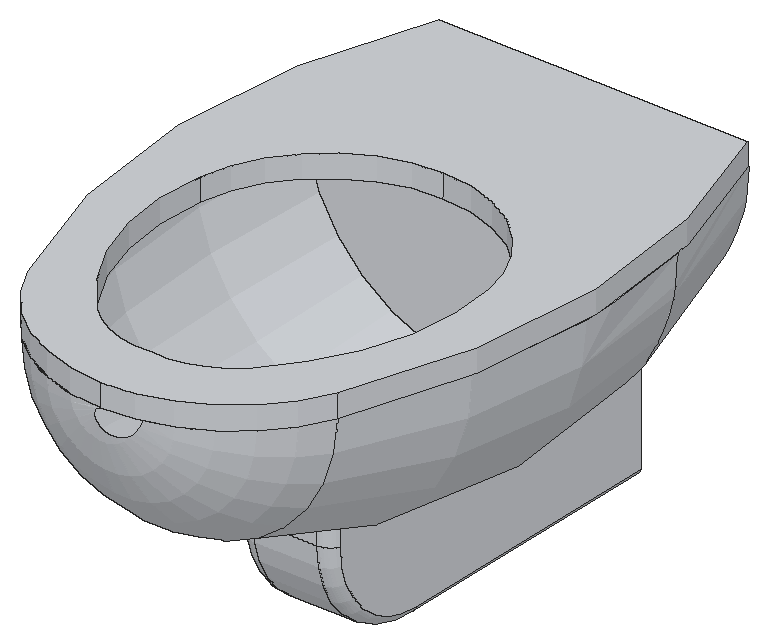
Revit family
Parameters (values of type "540 x 360mm")
  Material = none
  Manufacturer = "Revit"
  Assembly Code = "D2010110"
Reference planes
  plane 1 "Center (Front/Back)": y = 0
  plane 2: z = 0
  plane 3 "Center (Left/Right)": x = 0
  plane 4: y = -244.9
Forms (mm)
  Revolve 1, solid, material <- "Material"
    sketch origin (0, 0, -20) x (1, 0, 0) y (0, 1, 0)
      loop
        arc (-174.247, -124.9) -> (-179.514, -290.639) -> (-135.875, -450.617) r 558.391
        arc (-135.875, -450.617) -> (-81.121, -515.376) -> (0, -540.098) r 150.021
        line (0, -540.098) -> (0, -520.097)
        arc (0, -520.097) -> (-70.198, -498.622) -> (-117.576, -442.547) r 130.021
        arc (-117.576, -442.547) -> (-159.862, -286.482) -> (-153.903, -124.9) r 538.391
        line (-153.903, -124.9) -> (-174.247, -124.9)
      axis (0, -540.098) -> (0, -124.9)
    angle from 0 to 180
  Extrusion 2, solid, material <- "Material"
    sketch origin (0, 0, 0) x (1, 0, 0) y (0, 1, 0)
      loop
        arc (-135.875, 0) -> (-183.349, -225.308) -> (-135.875, -450.617) r 558.391
        arc (-135.875, -450.617) -> (-81.121, -515.376) -> (0, -540.098) r 150.021
        arc (0, -540.098) -> (81.121, -515.376) -> (135.875, -450.617) r 150.021
        arc (135.875, -450.617) -> (183.349, -225.308) -> (135.875, 0) r 558.391
        line (135.875, 0) -> (-135.875, 0)
      loop
        arc (0, -164.798) -> (-83.195, -195.45) -> (-126.613, -272.753) r 128.221
        arc (-126.613, -272.753) -> (-119.024, -374.181) -> (-66.602, -461.341) r 219.88
        arc (-66.602, -461.341) -> (-36.05, -480.987) -> (0, -485.429) r 81.602
        arc (0, -485.429) -> (36.05, -480.987) -> (66.602, -461.341) r 81.602
        arc (66.602, -461.341) -> (119.024, -374.181) -> (126.613, -272.753) r 219.88
        arc (126.613, -272.753) -> (115.473, -237.275) -> (94.621, -206.485) r 128.221
        arc (94.621, -206.485) -> (51.698, -175.681) -> (0, -164.798) r 128.221
    from -20 to 0
  Blend 3, solid, material <- "Material"
    base sketch origin (0, -124.9, -20) x (0, 0, -1) y (-1, 0, 0)
      loop
        line (0, 174.247) -> (0, -174.247)
        arc (0, -174.247) -> (174.247, 0) -> (0, 174.247) r 174.247
    top sketch origin (0, -124.9, -20) x (0, 0, -1) y (-1, 0, 0)
      loop
        line (0, 135.875) -> (0, -135.875)
        spline (0, -135.875) -> (37.529, -131.246) -> (72.5, -117.672) -> (102.53, -96.078) -> (125.574, -67.938) -> (140.059, -35.167) -> (145, 0) -> (140.059, 35.167) -> (125.574, 67.938) -> (102.53, 96.078) -> (72.5, 117.672) -> (37.529, 131.246) -> (0, 135.875)
    from 0 to 124.9
  Extrusion 4, solid, material <- "Material"
    sketch origin (0, 0, 0) x (0, 1, 0) y (0, 0, 1)
      loop
        arc (0, -158.01) -> (-167.212, -190.758) -> (-337.566, -187.334) r 799.626
        line (-337.566, -187.334) -> (-337.566, -207.334)
        arc (-337.566, -207.334) -> (-310.425, -272.859) -> (-244.9, -300) r 92.666
        line (-244.9, -300) -> (0, -300) -> (0, -158.01)
    from -41.163 to 41.173
  Sweep 5, void
    path origin (41.173, 0, -158.01) x (0, 0, 1) y (0, -1, 0)
      loop
        line (-29.324, 337.566) -> (-49.324, 337.566)
        arc (-49.324, 337.566) -> (-114.849, 310.425) -> (-141.99, 244.9) r 92.666
        line (-141.99, 244.9) -> (-141.99, 0)
    profile origin (0, -122.45, 0) x (0, 0, 1) y (1, 0, 0)
      loop
        line (-280.892, 42.532) -> (-280.892, 53.837) -> (-310.892, 53.837) -> (-310.892, -51.163) -> (-280.892, -51.163) -> (-280.892, -43.084) -> (-285, -43.084)
        arc (-285, -43.084) -> (-295.607, -38.69) -> (-300, -28.084) r 15
        line (-300, -28.084) -> (-300, 27.532)
        arc (-300, 27.532) -> (-295.607, 38.139) -> (-285, 42.532) r 15
        line (-285, 42.532) -> (-280.892, 42.532)
Cuts and joins
  Sweep 5 cuts Blend 3
  Sweep 5 cuts Extrusion 4
  joined: Revolve 1, Blend 3, Extrusion 4
  Sweep 5 cuts Extrusion 2
Lines and regions (mm)
  symbolic lines, detail levels medium+fine
    curve 1: arc (-79.298, -101.182, 0) -> (-71.563, -108.918, 0) -> (-63.827, -101.182, 0) r 7.735
    curve 2: arc (-63.827, -101.182, 0) -> (-71.563, -93.447, 0) -> (-79.298, -101.182, 0) r 7.735
    curve 3: arc (69.087, -101.182, 0) -> (76.822, -108.918, 0) -> (84.558, -101.182, 0) r 7.735
    curve 4: arc (84.558, -101.182, 0) -> (76.822, -93.447, 0) -> (69.087, -101.182, 0) r 7.735
    curve 5: line (-41.163, -255.357, 0) -> (41.173, -255.357, 0)
    curve 6: arc (41.173, -255.357, 0) -> (55.315, -261.214, 0) -> (61.173, -275.357, 0) r 20
    curve 7: line (61.173, -275.357, 0) -> (61.173, -295.881, 0)
    curve 8: arc (61.173, -295.881, 0) -> (60.21, -305.649, 0) -> (57.356, -315.041, 0) r 50
    curve 9: arc (57.356, -315.041, 0) -> (0.005, -353.338, 0) -> (-57.346, -315.041, 0) r 62.091
    curve 10: arc (-57.346, -315.041, 0) -> (-60.2, -305.649, 0) -> (-61.163, -295.881, 0) r 50
    curve 11: line (-61.163, -295.881, 0) -> (-61.163, -275.357, 0)
    curve 12: arc (-61.163, -275.357, 0) -> (-55.305, -261.214, 0) -> (-41.163, -255.357, 0) r 20
  symbolic lines
    curve 13: arc (-135.875, 0, 0) -> (-183.349, -225.308, 0) -> (-135.875, -450.617, 0) r 558.391
    curve 14: arc (-135.875, -450.617, 0) -> (-81.121, -515.376, 0) -> (0, -540.098, 0) r 150.021
    curve 15: arc (0, -540.098, 0) -> (81.121, -515.376, 0) -> (135.875, -450.617, 0) r 150.021
    curve 16: arc (135.875, -450.617, 0) -> (183.349, -225.308, 0) -> (135.875, 0, 0) r 558.391
    curve 17: line (135.875, 0, 0) -> (-135.875, 0, 0)
    curve 18: arc (-126.613, -272.753, 0) -> (-83.195, -195.45, 0) -> (0, -164.798, 0) r 128.221
    curve 19: arc (0, -164.798, 0) -> (51.698, -175.681, 0) -> (94.621, -206.485, 0) r 128.221
    curve 20: arc (94.621, -206.485, 0) -> (115.473, -237.275, 0) -> (126.613, -272.753, 0) r 128.221
    curve 21: arc (126.613, -272.753, 0) -> (119.024, -374.181, 0) -> (66.602, -461.341, 0) r 219.88
    curve 22: arc (66.602, -461.341, 0) -> (36.05, -480.987, 0) -> (0, -485.429, 0) r 81.602
    curve 23: arc (0, -485.429, 0) -> (-36.05, -480.987, 0) -> (-66.602, -461.341, 0) r 81.602
    curve 24: arc (-66.602, -461.341, 0) -> (-119.024, -374.181, 0) -> (-126.613, -272.753, 0) r 219.88
Dimensions and locks
  aligned and locked: Extrusion 2 to Revolve 1
  aligned and locked: level to Extrusion 2
